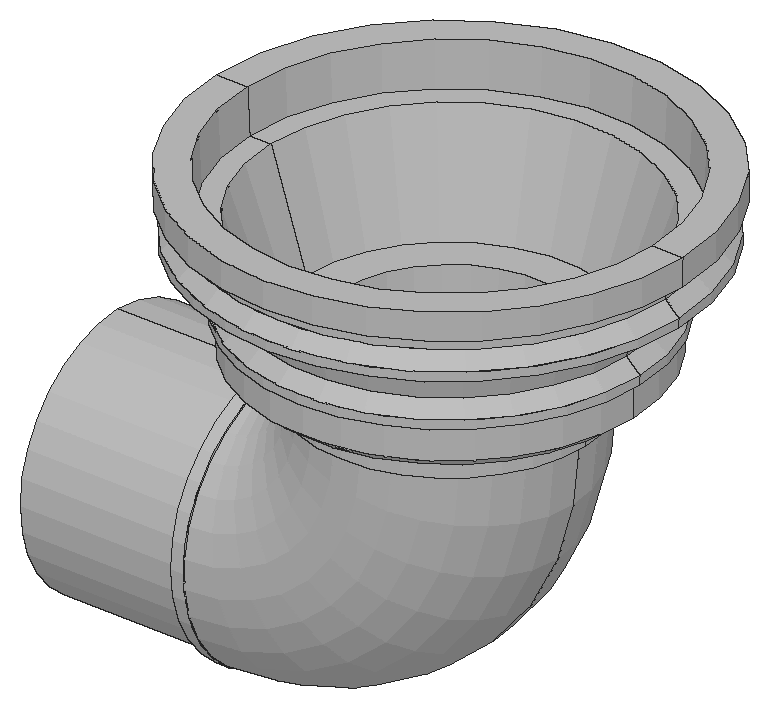
Revit family "482068001(1)", category Generic Models, host Floor, Revit 2019
Family settings
  Host = Floor
  Can host rebar = No
  Always vertical = Yes
  Cut with Voids When Loaded = No
  Shared = Yes
  Room Calculation Point = No
Parameters (values of type "482068001")
  SUPPLIER = "KOERO"
  NT = "Balcony transit and drain wastes"
  NN = "PLUVETTA® 90°"
  NBSYN = "$CNSORDERNO.($LODLEVEL.)"
  NB = "482068001(1)"
  Model = "482068001"
  Manufacturer = "König & Ronneberger"
  MIdent = "{$CADENAS_DATA/23d-libs/koero/pluvetta/pluvetta_90.prj},184 {VTYP=3D},{NB=482068001(1)},{LINA=482068001},{NN=PLUVETTA® 90°},{DATE=23.04.2020 08:29:07},{GEOMDATE=22.04.2020 12:28:20},{VERSION=},{LINEID=50},{WBVAR=LODLEVEL},{WBNUMERIC=LODLEVEL}  {NB=482068001(1)},{LINA=482068001},{KT=DUMMY},{CNSORDERNO=482068001},{LODLEVEL=1},{BEZ=Balkonpot Pluvetta® 50-60 mm met 90° bocht van PVC met 60 mm spi-eind, zonder rooster},{D=108},{D1=94},{D2=60},{H=115},{H1=85.0},{INFO=PDF Catalog},{HTML=Product page},{INFOPAGE=pluvetta_90},{INFOPATH=pluvetta_90_nl.pdf},{HTML1=https://debeer-sanitair.nl/maattekeningen/pluvetta/},{H2=47.000},{H3=10.000},{L1=38.000},{ANG=89.700},{L2=39.000},{DISTHELP=39.000},{DISTHELP2=38.000}"
  LODLEVEL = "300"
  LINA = "482068001"
  INFO = "PDF Catalog"
  HTML = "Product page"
  H1 = 85 mm
  H = 115 mm
  Description = "Balcony transit and drain wastes"
  D2 = 60 mm
  D1 = 94 mm
  D = 108 mm
  CREATOR = "CADENAS GmbH"
  CNSORDERNO = "482068001"
  CATALOG = "König & Ronneberger"
  BOMINFO = "LINA"
  BEZ = "Balkonpot Pluvetta® 50-60 mm met 90° bocht van PVC met 60 mm spi-eind, zonder rooster"
  ARTICLENO = "NB"
Reference planes
  plane 1 "Center (Front/Back)": y = 0
  plane 2: z = 0
  plane 3 "Center (Left/Right)": x = 0
Forms (mm)
  Extrusion 1, void
    sketch origin (-76.8, 0, -85.204) x (0.005236, 0, -0.999986) y (0, 1, 0)
      loop
        line (-0.5, -0.5) -> (0.5, -0.5) -> (0.5, 0.5) -> (-0.5, 0.5) -> (-0.5, -0.5)
    from 0 to 1
Dimensions and locks
  aligned and locked: level to plane 2
Nested families
  nested 1: "482068001(1)_content" at (0, 0, 0), type "482068001(1)_Content"
Connectors
  hvac at (0, 0, 0)
    settings: on host floor, index 1, duct flow 0.0 L/s, flow factor 0, pres drop 0.0 Pa, loss coef 0, conn angle 0.00°, conn width 304.8 mm, conn height 304.8 mm, conn diameter 94 mm, duct sys type 29, conn prof type 0, flow config 0, flow direction 1, loss method 0, conn ref index -1, conn util no, is conn primary yes, conn desc ""
  hvac at (-76.8, 0, -85.204)
    settings: on Extrusion 1, index 2, duct flow 0.0 L/s, flow factor 0, pres drop 0.0 Pa, loss coef 0, conn angle 0.00°, conn width 304.8 mm, conn height 304.8 mm, conn diameter 60 mm, duct sys type 29, conn prof type 0, flow config 0, flow direction 2, loss method 0, conn ref index -1, conn util no, is conn primary no, conn desc ""
Definition of nested family "482068001(1)_content"
  Parameters (values of type "482068001(1)_Content")
    SUPPLIER = "KOERO"
    NT = "Balcony transit and drain wastes"
    NN = "PLUVETTA® 90°"
    NBSYN = "$CNSORDERNO.($LODLEVEL.)"
    NB = "482068001(1)"
    Model = "482068001"
    Manufacturer = "König & Ronneberger"
    LODLEVEL = "300"
    LINA = "482068001"
    INFO = "PDF Catalog"
    HTML = "Product page"
    H1 = 85 mm
    H = 115 mm
    Description = "Balcony transit and drain wastes"
    Default Elevation = 1219.2 mm
    D2 = 60 mm
    D1 = 94 mm
    D = 108 mm
    CREATOR = "CADENAS GmbH"
    CNSORDERNO = "482068001"
    CATALOG = "König & Ronneberger"
    BOMINFO = "LINA"
    BEZ = "Balkonpot Pluvetta® 50-60 mm met 90° bocht van PVC met 60 mm spi-eind, zonder rooster"
    ARTICLENO = "NB"
  Reference planes
    plane 1 "Center (Front/Back)": y = 0
    plane 2: z = 0
    plane 3 "Center (Left/Right)": x = 0
  Forms (mm)
    Revolve 1, solid, detail levels medium+fine
      sketch origin (0, 0, 0) x (-1, 0, 0) y (0, 0, -1)
        loop
          line (-54, 6) -> (-54, 0) -> (-47, 0) -> (-46.5, 10) -> (-41.5, 10) -> (-33.35, 34.45) -> (-25, 34.45) -> (-23.642, 55) -> (-26.642, 55) -> (-27.633, 40) -> (-39, 40) -> (-42.5, 37.375) -> (-42.5, 30) -> (-44, 30) -> (-44, 28) -> (-41, 25) -> (-44, 16) -> (-53, 15) -> (-53, 13) -> (-50, 10) -> (-50, 6) -> (-54, 6)
        axis (0, 55) -> (0, 0)
      angle from -360 to 0
    Revolve 2, solid, detail levels medium+fine
      sketch origin (0, 0, 0) x (-1, 0, 0) y (0, 0, -1)
        loop
          line (28.5, 44) -> (30, 44) -> (30, 40) -> (31.5, 40) -> (31.5, 47) -> (28.5, 47) -> (28.5, 44)
        axis (0, 40) -> (0, 47)
      angle from -360 to 0
    Revolve 3, solid, detail levels medium+fine
      sketch origin (0, 0, -47) x (-1, 0, 0) y (0, -1, 0)
        loop
          circle (0, 0) r 30
        loop
          circle (0, 0) r 28.5
        axis (38, 0) -> (38, -1)
      angle from 0 to 89.7
    Revolve 4, solid, detail levels medium+fine
      sketch origin (0, 0, 0) x (-1, 0, 0) y (0, 0, -1)
        loop
          line (37.942, 58) -> (37.958, 55) -> (40.958, 55.016) -> (40.95, 56.516) -> (76.95, 56.704) -> (76.942, 58.204) -> (37.942, 58)
        axis (37.801, 84.999) -> (76.8, 85.204)
      angle from 0 to 360
    Extrusion 5, solid, detail levels coarse
      sketch origin (-11.475, 0, -115.015) x (1, 0, 0) y (0, 1, 0)
        loop
          line (-65.475, -54) -> (65.475, -54) -> (65.475, 54) -> (-65.475, 54) -> (-65.475, -54)
      from 0 to 115.015
  Dimensions and locks
    aligned and locked: level to plane 2
